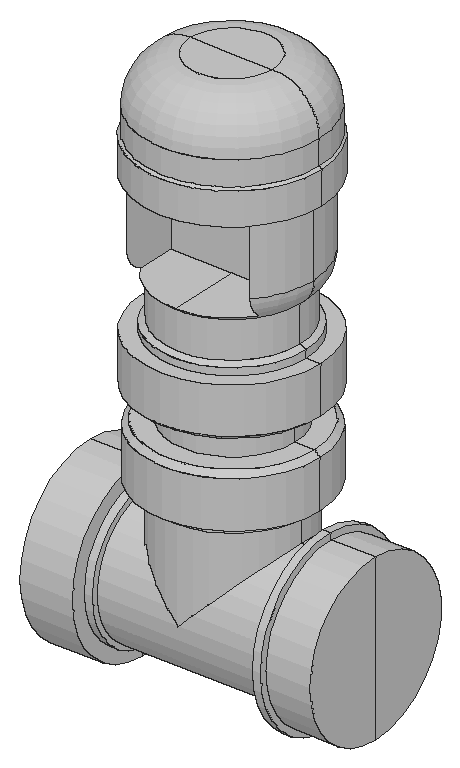
Revit family "HL_Вентиляционный клапан_HL904T", category Příslušenství trubek, Revit 2016
Family settings
  Typ součásti = Zalomí se do
  Kóta kulaté spojky = Použít průměr
  Číslo OmniClass = 23.70.50.21
  Nadpis OmniClass = Liquid Waste Collection and Removal
  Založené na pracovní rovině = Ne
  Vždy vertikální = Ano
  Ořezat dutým tvarem při načtení = Ne
  Sdílené = Ne
Parameters (values of type "HL_Вентиляционный клапан_HL904T")
  РАЗМЕР = "DN40"
  ПРОПУСКНАЯ СПОСОБНОСТЬ = 0.0 m³/h
  ПРОИЗВОДИТЕЛЬНОСТЬ = "5,5 l/s"
  ПРАВОВАЯ ИНФОРМАЦИЯ = "\"Авторские права(©), права на дизайн или какие либо другие права интелектуальной собственности являются исключительной собственностью компании HL Hutterer & Lechner. Изменению не подлежит. Файл семейства с данными о прозводителе изделия защищен паролем с водяным знаком.\""
  НОМИНАЛЬНЫЙ ДИАМЕТР = 40 mm
  МАТЕРИАЛ = "PP"
  ВЕС = "0,13 kg"
  Výrobce = "HL Hutterer & Lechner GmbH"
  URL = "http://www.hutterer-lechner.com/ru/products/catalog/roof-drains/HL904T.aspx"
  Popis = "Вентиляционный клапан"
  Model = "HL904T"
  материал = Plactic - Gray
  Komentáře k typům = "Вентиляционный клапан DN40 с Т-образным соединением DN40"
  Keynote = "HL904T"
  EAN = "9003076919048"
  Cena = 0
Reference planes
  plane 1 "Střed (vpředu/vzadu)": y = 0
  plane 2: z = 0
  plane 3 "Střed (vlevo/vpravo)": x = 0
Forms (mm)
  Revolve 1, solid, material "Plactic - Gray" <- "материал", detail levels fine
    sketch origin (0, 0, 0) x (1, 0, 0) y (0, 0, 1)
      loop
        line (0, 59.406) -> (0, 0) -> (22.324, 0) -> (22.324, 30.702) -> (23.97, 30.702) -> (23.97, 33.702) -> (28.223, 33.702) -> (28.223, 48.925) -> (26.446, 50.702) -> (20.061, 50.702) -> (20.061, 59.406) -> (0, 59.406)
      axis (0, 0) -> (0, 59.406)
    angle from 0 to 360
  Revolve 2, solid, material "Plactic - Gray" <- "материал", detail levels fine
    sketch origin (0, 0, 0) x (1, 0, 0) y (0, 0, 1)
      loop
        line (46.2, 0) -> (46.2, 26.512) -> (31.7, 26.512) -> (31.7, 28.478) -> (29.2, 28.478) -> (29.2, 23.9) -> (26.3, 23.9) -> (26.3, 22.343) -> (-26.3, 22.343) -> (-26.3, 23.924) -> (-29.2, 23.924) -> (-29.2, 28.5) -> (-46.2, 28.5) -> (-46.2, 0) -> (46.2, 0)
      axis (-46.2, 0) -> (46.2, 0)
    angle from 0 to 360
Cuts and joins
  joined: Revolve 1, Revolve 2
Lines and regions (mm)
  reference lines
    curve 1: line (0, 0, 0) -> (42, 0, 0)
    curve 2: line (0, 0, 0) -> (-42, 0, 0)
  model lines, detail levels coarse+medium
    curve 3: line (42, 0, 0) -> (-42, 0, 0)
    curve 4: line (0, 0, 0) -> (0, 0, 59.406)
Dimensions and locks
  aligned and locked: level to plane 2
  aligned and locked: plane 3 "Střed (vlevo/vpravo)" to curve 1
Nested families
  nested 1: "HL_Вентиляционный клапан_HL904" at (-0.3, 0, 59.406), type "HL_Вентиляционный клапан_HL904"
    with НОМИНАЛЬНЫЙ ДИАМЕТР 32 mm, x 5 mm, b no, a 97 mm, DN50 no, DN40 no, DN32 yes
Connectors
  piping at (42, 0, 0), diameter 40, driven by "ПРОПУСКНАЯ СПОСОБНОСТЬ", driven by "НОМИНАЛЬНЫЙ ДИАМЕТР"
    settings: on curve 1, index 1, connector inside diameter 609.6 mm, connector length 0 mm, flow factor 0, pipe flow 0.0 m³/h, pressure drop 0.0 Pa, fitting loss kfactor 0, connector angle 0.00°, fixture units 0, engagement length 0 mm, angle of deflection 0.00°, flow configuration 0, flow direction 0, fitting loss method 0, system type 16, joint type 0, gender type 0, connector reference index -1, connector utility 0, adjustable connector no, is connector primary yes, connector description ""
  piping at (-42, 0, 0), diameter 40, driven by "ПРОПУСКНАЯ СПОСОБНОСТЬ", driven by "НОМИНАЛЬНЫЙ ДИАМЕТР"
    settings: on curve 2, index 2, connector inside diameter 609.6 mm, connector length 0 mm, flow factor 0, pipe flow 0.0 m³/h, pressure drop 0.0 Pa, fitting loss kfactor 0, connector angle 0.00°, fixture units 0, engagement length 0 mm, angle of deflection 0.00°, flow configuration 0, flow direction 0, fitting loss method 0, system type 16, joint type 0, gender type 0, connector reference index -1, connector utility 0, adjustable connector no, is connector primary no, connector description ""
Definition of nested family "HL_Вентиляционный клапан_HL904"
  Parameters (values of type "HL_Вентиляционный клапан_HL904")
    РАЗМЕР = "DN32/40/50"
    ПРОПУСКНАЯ СПОСОБНОСТЬ = 0.0 m³/h
    ПРОИЗВОДИТЕЛЬНОСТЬ = "5,5 l/s"
    ПРАВОВАЯ ИНФОРМАЦИЯ = "\"Авторские права(©), права на дизайн или какие либо другие права интелектуальной собственности являются исключительной собственностью компании HL Hutterer & Lechner. Изменению не подлежит. Файл семейства с данными о прозводителе изделия защищен паролем с водяным знаком.\""
    НОМИНАЛЬНЫЙ ДИАМЕТР [instance] = 50 mm
    МАТЕРИАЛ = "PP"
    ВЕС = "0,075 kg"
    x [instance] = if(НОМИНАЛЬНЫЙ ДИАМЕТР = 50 mm, 5 mm, if(НОМИНАЛЬНЫЙ ДИАМЕТР = 32 mm, 5 mm, if(НОМИНАЛЬНЫЙ ДИАМЕТР = 40 mm, 5 mm, -10 mm)))  # 5 mm
    b [instance] = DN50  # yes
    a [instance] = if(НОМИНАЛЬНЫЙ ДИАМЕТР = 50 mm, 153 mm, 97 mm)  # 153 mm
    Manufacturer = "HL Hutterer & Lechner GmbH"
    URL = "http://www.hutterer-lechner.com/ru/products/catalog/roof-drains/HL904.aspx"
    Description = "Вентиляционный клапан"
    Model = "HL904"
    материал = none
    Type Comments = "Вентиляционный клапан DN40"
    Keynote = "HL904"
    EAN = "9003076909049"
    DN50 [instance] = НОМИНАЛЬНЫЙ ДИАМЕТР = 50 mm  # yes
    DN40 [instance] = НОМИНАЛЬНЫЙ ДИАМЕТР = 40 mm  # no
    DN32 [instance] = НОМИНАЛЬНЫЙ ДИАМЕТР = 32 mm  # no
    Cost = 0
  Reference planes
    plane 1 "Střed (vpředu/vzadu)": y = 0
    plane 2: z = 0
    plane 3 "Střed (vlevo/vpravo)": x = 0
    plane 4: z = 97
  Forms (mm)
    Revolve 1, solid, material <- "материал", detail levels fine
      sketch origin (0, 0, 0) x (1, 0, 0) y (0, 0, 1)
        loop
          line (0, 97) -> (0, 0) -> (23.874, 0) -> (23.874, 19.25) -> (22.016, 20.323) -> (22.016, 32.239)
          arc (22.016, 32.239) -> (25.341, 35.772) -> (26.576, 40.464) r 9.848
          line (26.576, 40.464) -> (26.576, 63.02) -> (29.052, 63.02) -> (29.052, 73.366) -> (28.248, 74.17) -> (28.248, 82.021)
          arc (28.248, 82.021) -> (23.86, 92.613) -> (13.269, 97) r 14.979
          line (13.269, 97) -> (0, 97)
        axis (0, 0) -> (0, 97)
      angle from 0 to 360
    Extrusion 2, void
      sketch origin (0, 0, 0) x (1, 0, 0) y (0, 0, 1)
        loop
          line (-19.849, 63.02) -> (-19.849, 33.22) -> (0, 33.22) -> (19.849, 33.22) -> (19.849, 63.02) -> (0, 63.02) -> (-19.849, 63.02)
      from 0 to 100
    Revolve 3, solid, material <- "материал", detail levels fine
      sketch origin (0, 0, 0) x (1, 0, 0) y (0, 0, 1)
        loop
          line (23.874, 17) -> (23.874, 0) -> (26.116, 0) -> (28.874, 2) -> (28.874, 17) -> (23.874, 17)
        axis (0, 17) -> (0, 0)
      angle from 0 to 360
    Revolve 4, solid, material <- "материал", visible <- "b", detail levels fine
      sketch origin (0, 0, 0) x (1, 0, 0) y (0, 0, 1)
        loop
          line (0, 0) -> (0, -56) -> (25, -56) -> (25, 0) -> (0, 0)
        axis (0, 0) -> (0, -56)
      angle from 0 to 360
  Cuts and joins
    Extrusion 2 cuts Revolve 1
  Lines and regions (mm)
    reference lines
      curve 1: line (0, 0, 97) -> (0, 0, -56)
    model lines, detail levels coarse+medium
      curve 2: line (50, 0, 47) -> (0, 0, 97)
      curve 3: line (-50, 0, 47) -> (0, 0, 97)
      curve 4: line (0, 0, 32.239) -> (0, 0, 0)
    model lines, visible <- "b", detail levels coarse+medium
      curve 5: line (0, 0, 0) -> (0, 0, -56)
    symbolic lines, detail levels coarse+medium
      curve 6: line (0, -35, 0) -> (-35, 0, 0)
      curve 7: line (0, -35, 0) -> (35, 0, 0)
  Dimensions and locks
    plane 4 to plane 2 = 97 mm
    "a": plane 4 to curve 1
    "x": Revolve 3 sketch curve to Revolve 3 sketch curve
    aligned and locked: level to plane 2
    aligned and locked: plane 4 to curve 1
  Automatic sketch dimensions
    Revolve 1 sketch curve to plane 3 "Střed (vlevo/vpravo)" = 0 mm  (x2)
    Revolve 1 sketch curve to plane 4 = 0 mm
    Revolve 1 sketch curve to level = 0 mm
    plane 3 "Střed (vlevo/vpravo)" to Revolve 1 sketch curve = 13.269 mm
    plane 3 "Střed (vlevo/vpravo)" to Revolve 1 sketch curve = 16.728 mm
    Revolve 1 sketch curve to Revolve 1 sketch curve = 5.289 mm
    Revolve 1 sketch curve to Revolve 1 sketch curve = 1.857 mm
    Revolve 1 sketch curve to Revolve 1 sketch curve = 4.559 mm
    Revolve 1 sketch curve to Revolve 1 sketch curve = 1.672 mm
    Revolve 1 sketch curve to Revolve 1 sketch curve = 2.476 mm
    level to Revolve 1 sketch curve = 19.25 mm
    Revolve 1 sketch curve to Revolve 1 sketch curve = 1.072 mm
    Revolve 1 sketch curve to Revolve 1 sketch curve = 11.916 mm
    Revolve 1 sketch curve to Revolve 1 sketch curve = 8.225 mm
    Revolve 1 sketch curve to Revolve 1 sketch curve = 19.001 mm
    Revolve 1 sketch curve to Revolve 1 sketch curve = 8.656 mm
    Revolve 1 sketch curve to Revolve 1 sketch curve = 0.804 mm
    Revolve 1 sketch curve to Revolve 1 sketch curve = 0.68 mm
    plane 4 to Revolve 1 sketch curve = 9.32 mm
    Extrusion 2 sketch curve to plane 3 "Střed (vlevo/vpravo)" = 0 mm  (x2)
    Extrusion 2 sketch curve to plane 3 "Střed (vlevo/vpravo)" = 19.849 mm
    plane 3 "Střed (vlevo/vpravo)" to Extrusion 2 sketch curve = 19.849 mm
    level to Extrusion 2 sketch curve = 33.22 mm
    Extrusion 2 sketch curve to Extrusion 2 sketch curve = 29.8 mm
    Revolve 4 sketch curve to level = 0 mm
    Revolve 4 sketch curve to plane 3 "Střed (vlevo/vpravo)" = 0 mm  (x2)
    Revolve 4 sketch curve to Revolve 4 sketch curve = 25 mm
    Revolve 4 sketch curve to level = 56 mm
    Revolve 4 sketch curve to Revolve 4 sketch curve = 55 mm
    Revolve 4 sketch curve to Revolve 4 sketch curve = 32.743 mm
    curve 2 to plane 3 "Střed (vlevo/vpravo)" = 0 mm
    curve 4 to plane 3 "Střed (vlevo/vpravo)" = 0 mm
    curve 5 to level = 0 mm
    curve 3 to plane 4 = 0 mm
    curve 3 to plane 3 "Střed (vlevo/vpravo)" = 50 mm
    plane 3 "Střed (vlevo/vpravo)" to curve 2 = 50 mm
    curve 5 to curve 5 = 56 mm
    level to curve 4 = 32.239 mm
    level to curve 3 = 47 mm
    plane 1 "Střed (vpředu/vzadu)" to curve 6 = 0 mm
    curve 7 to plane 3 "Střed (vlevo/vpravo)" = 0 mm
    plane 1 "Střed (vpředu/vzadu)" to curve 7 = 0 mm
    plane 1 "Střed (vpředu/vzadu)" to curve 6 = 35 mm
    curve 6 to plane 3 "Střed (vlevo/vpravo)" = 35 mm
    curve 1 to plane 3 "Střed (vlevo/vpravo)" = 0 mm
    Revolve 3 sketch curve to plane 3 "Střed (vlevo/vpravo)" = 0 mm
    Revolve 3 sketch curve to level = 0 mm
    plane 3 "Střed (vlevo/vpravo)" to Revolve 3 sketch curve = 23.874 mm
    Revolve 3 sketch curve to Revolve 3 sketch curve = 2.243 mm
    level to Revolve 3 sketch curve = 2 mm
    Revolve 3 sketch curve to Revolve 3 sketch curve = 15 mm
    Revolve 3 sketch curve to level = 21.914 mm
    Revolve 3 sketch curve to Revolve 3 sketch curve = 25 mm
  Connectors
    piping at (0, 0, -56), diameter 50, driven by "ПРОПУСКНАЯ СПОСОБНОСТЬ", driven by "НОМИНАЛЬНЫЙ ДИАМЕТР"
      settings: on curve 1, index 1, connector inside diameter 609.6 mm, connector length 0 mm, flow factor 0, pipe flow 0.0 m³/h, pressure drop 0.0 Pa, fitting loss kfactor 0, connector angle 0.00°, fixture units 0, engagement length 0 mm, angle of deflection 0.00°, flow configuration 0, flow direction 0, fitting loss method 0, system type 19, joint type 0, gender type 0, connector reference index -1, connector utility 0, adjustable connector no, is connector primary yes, connector description ""
